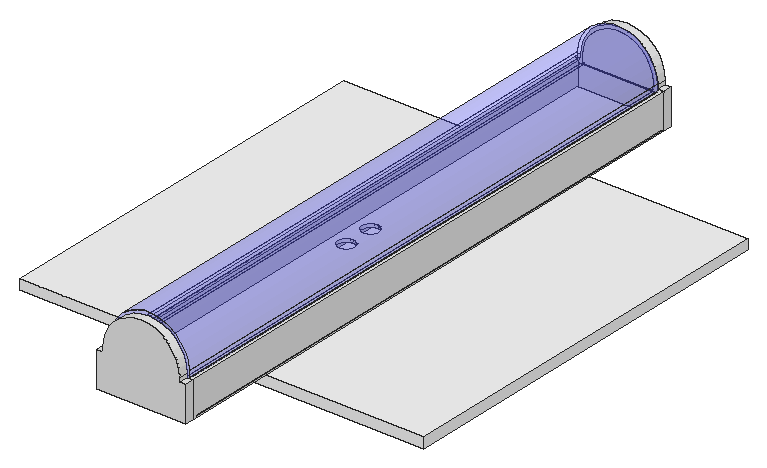
Revit family "BE_67684.3_de_DE", category Leuchten, Revit 2015
Parameters (values of type "BEGA_67684.3_K4")
  built-in parameter 1150104 = 13.35 (stored number, unit not read)
  Wattage = 15.8 W
  Default Elevation = 0 mm
  built-in parameter 1150113 = 1 (stored number, unit not read)
  built-in parameter 1114218 = 1 (stored number, unit not read)
  Umgebungstemperatur = "25 °C"
  URL = "http://www.bega.de/produkt/67684.3"
  Typenkommentare = "© 2017 BEGA. Wir behalten uns das Recht vor, technische Änderungen ohne vorherige Ankündigung vorzunehmen."  # constant formula
  built-in parameter 1150134 = 12
  built-in parameter 1150109 = 1 (stored number, unit not read)
  Strom = ""
  built-in parameter 1150110 = 1 (stored number, unit not read)
  Spannung = 239.996 V
  Sonderanfertigung = no
  Seriennummer [instance] = "Hier können Sie die eindeutige Seriennummer für das Facility Management eintragen."
  Schutzklasse = "I"
  Schutzart = "IP 44"
  Scheinlast = 0 VA
  Produktdatenblatt = "http://www.bega.de/download/Xrfa/db/67684.3.db.de.pdf"
  Oberflächentemperatur = ""
  Neigungswinkel = 0.00°
  Modell = "67684.3K4"
  Material_23 = BEGA_Oberfläche_Chrom_poliert
  Material_17 = BEGA_Reflektor
  Material_15 = BEGA_Leuchtmedium_matt
  Material_11 = BEGA_Glas_opal
  Material_09 = BEGA_Glas_klar
  Material_06 = BEGA_Oberfläche_Edelstahl_gebürstet
  Material_05 = BEGA_Oberfläche_Aluminium Guss
  Material_03 = BEGA_Oberfläche_Weiss_matt
  Material_02 = BEGA_Oberfläche_Silber_matt
  Material_01 [instance] = BEGA_Oberfläche_Grafit_matt
  M_W = no
  M_G = no
  M_A = no
  Logo = 0
  built-in parameter 1114217 = 1 (stored number, unit not read)
  built-in parameter 1150139 = (empty or 0)
  built-in parameter 1150105 = 180.68 (stored number, unit not read)
  built-in parameter 1150114 = 1 (stored number, unit not read)
  Lumens = 2270.46 lm
  built-in parameter 1150115 = 1 (stored number, unit not read)
  Leuchtenlichtstrom = "1465 lm"
  Leuchtenanzahl = ""
  Lebensdauerkriterien = "L70B50 @ 25 °C = 100000 h"
  Lastklassifizierung = Beleuchtung
  built-in parameter 1150112 = 1 (stored number, unit not read)
  Lampenlichtstrom = "2270 lm"
  Lampe = "LED 15.8 W"
  LED_Modulbezeichnung = "2x LED-0546/840  2x LED-0551/840"
  Hersteller = "BEGA"  # constant formula
  Halbstreuwinkel = ""
  Gewicht = "2.8 kg"
  Gebrauchslageneinschränkung [instance] = ""
  Frequenz = "0/50-60 Hz"
  Farbwiedergabeindex = "Ra > 80"
  Farbtemperaturverschiebung bei Dämpfen der Lampe = <Keine Auswahl>
  Farbtemperatur = "4000 K"
  Color Filter = 16777215
  built-in parameter 1150133 = 10 (stored number, unit not read)
  Energieeffizienzklasse = "LED A++ - A"
  built-in parameter 1150137 = (empty or 0)
  built-in parameter 1150132 = (empty or 0)
  ENEC = ""
  Dimmbar [instance] = "1-10 V SELV"
  Datei für fotometrisches Netz = "BE_67684K4.IES"
  CE_Konformität = "ja"
  Bestellnummer = "67684.3K4"
  Beschreibung_Sonderanfertigung = "Hier können Sie Informationen zur Sonderanfertigung eintragen."
  Beschreibung = "Wandleuchte"
  built-in parameter 1150106 = 1.8068 (stored number, unit not read)
  Befestigungsbohrung = "Ø 5,5 mm"
  Befestigungsabstand = "540 x 56 mm"
  Ballwurfsicher = ""
  BEGA_Intern_aus = yes
  BEGA_Intern_an = yes
  BEGA_Intern_Konstruktion = yes
  BEGA_Intern = yes
  BEGA_IES = yes
  BEGA_Dummy = no
  Anschlussleitung = ""
  Anschlussleistung [instance] = "20.3 W"
  Anschlusskasten = ""
  built-in parameter 1150107 = 4000 (stored number, unit not read)
  built-in parameter 1150102 = (empty or 0)
  built-in parameter 1150138 = (empty or 0)
  Aktualisierung = "2017-09-29T04:10:01"
  Abstand_zur_angestrahlten_Fläche [instance] = ""
  AC/DC = "AC/DC"
Types (2, lengths in mm): name | built-in parameter 1150104 | built-in parameter 1150134 | Modell | built-in parameter 1150105 | Lumens | Leuchtenlichtstrom | Lampenlichtstrom | LED_Modulbezeichnung | Farbtemperatur | Datei für fotometrisches Netz | Bestellnummer | built-in parameter 1150106 | built-in parameter 1150107
  BEGA_67684.3_K4 | 13.35 (stored number, unit not read) | 12 | "67684.3K4" | 180.68 (stored number, unit not read) | 2270.46 lm | "1465 lm" | "2270 lm" | "2x LED-0546/840  2x LED-0551/840" | "4000 K" | "BE_67684K4.IES" | "67684.3K4" | 1.8068 (stored number, unit not read) | 4000 (stored number, unit not read)
  BEGA_67684.3_K3 | 12.523 (stored number, unit not read) | (empty or 0) | "67684.3" | 169.49 (stored number, unit not read) | 2129.84 lm | "1375 lm" | "2130 lm" | "2x LED-0546/830  2x LED-0551/830" | "3000 K" | "BE_67684.IES" | "67684.3" | 1.6949 (stored number, unit not read) | 3000 (stored number, unit not read)
Reference planes
  plane 1 "Mitte (Vorne/Hinten)": y = 0
  plane 2: z = 0
  plane 3 "Mitte (Links/Rechts)": x = 0
  plane 4 "Links": x = -44
  plane 5 "Rechts": x = 44
  plane 6 "Unten": y = -300.1
  plane 7 "Oben": y = 300.1
  plane 8 "Vorne": z = 79.5
  plane 9 "Hinten": z = 0
Forms (mm)
  Extrusion 1, solid, material "BEGA_Platte_Weiss"
    sketch origin (0, -1119.2, 0) x (1, 0, 0) y (0, 1, 0)
      loop
        line (-200, 1319.2) -> (-200, 919.2) -> (200, 919.2) -> (200, 1319.2) -> (-200, 1319.2)
    from 0 to -10
  Extrusion 2, solid, material "BEGA_Dummy_matt", visible <- "BEGA_Dummy"
    sketch origin (80.095, -76.023, 0) x (1, 0, 0) y (0, 1, 0)
      loop
        line (-124.095, 376.123) -> (-124.095, -215.077) -> (-36.095, -215.077) -> (-36.095, 376.123) -> (-124.095, 376.123)
    from 0 to 79.5
Dimensions and locks
  plane 1 "Mitte (Vorne/Hinten)" to Extrusion 1 = 200 mm
  aligned and locked: plane 2 to Extrusion 1
  aligned and locked: level to Extrusion 1
Nested families
  nested 1: "BE_67684.3" at (0, 0, 0) x (0, 1, 0) z (0, 0, 1), type "BE_67684.3"
Connectors
  electrical at (0, 0, 0), driven by "Lastklassifizierung", driven by "Spannung", driven by "Scheinlast"
    settings: index 1, voltage 239.996 V, apparent load 0 VA, apparent load phase1 0 VA, apparent load phase2 0 VA, apparent load phase3 0 VA, power factor 1, load classification "Beleuchtung", number of poles 1, system type 31, power factor state 1, is connector primary yes, connector utility no, sub classification motor no, connector description ""
Definition of nested family "BE_67684.3"
  Parameters (values of type "BE_67684.3")
    Default Elevation = 1 mm
    URL = "http://www.bega.de/de/produkt"
    Type Comments = "© 2015 BEGA. Wir behalten uns das Recht vor, technische Änderungen ohne vorherige Ankündigung vorzunehmen. "  # constant formula
    Type Image = (empty or 0)
    Neigungswinkel_um_Z2 = 0.00°
    Neigungswinkel_um_Z1 = 0.00°
    Neigungswinkel_um_Y2 = 0.00°
    Neigungswinkel_um_Y1 = 0.00°
    Neigungswinkel_um_X2 = 0.00°
    Neigungswinkel_um_X1 = 0.00°
    Material_23 = none
    Material_17 = none
    Material_15 = none
    Material_11 = none
    Material_09 = none
    Material_06 = none
    Material_05 = none
    Material_03 = none
    Material_02 = none
    Material_01 = none
    M_W = yes
    M_G = yes
    M_A = yes
    Länge_Platte = 800 mm  # constant formula
    Höhe_Platte = -10 mm  # constant formula
    Manufacturer = "BEGA"  # constant formula
    Drehwinkel_um_Z2 = 0.00°
    Drehwinkel_um_Z1 = 0.00°
    Breite_Platte = 200 mm  # constant formula
  Reference planes
    plane 1 "Mitte (Oben/Unten)": y = 0
    plane 2: z = 0
    plane 3 "Mitte (Links/Rechts)": x = 0
    plane 4: z = 79.5
    plane 5: y = 44
    plane 6: y = -44
    plane 7: x = -300.1
    plane 8: x = 300.1
  Forms (mm)
    Extrusion 1, solid, detail levels medium
      sketch origin (0, 0, 0) x (1, 0, 0) y (0, 1, 0)
        loop
          line (-400, 100) -> (-400, -100) -> (400, -100) -> (400, 100) -> (-400, 100)
      from 0 to -10 <- "Höhe_Platte"
    Extrusion 2, solid, material <- "Material_23", detail levels medium+fine
      sketch origin (0, 0, 0) x (0, 1, 0) y (0, 0, 1)
        loop
          line (44, 36) -> (40.5, 36) -> (40.5, 33.852) -> (41.2, 33.5) -> (41.2, 10.8) -> (-21, 10.8) -> (-21, 4.883) -> (-21.995, 3.8) -> (-41.2, 3.8) -> (-41.2, 33.5) -> (-40.5, 33.852) -> (-40.5, 36) -> (-44, 36) -> (-44, 0.988)
          arc (-44, 0.988) -> (-42.633, 0.79) -> (-41.5, 0) r 3
          line (-41.5, 0) -> (-38.5, 0) -> (-38.5, 1) -> (-20.84, 1) -> (-18.559, 3.282) -> (-18.559, 8) -> (41.2, 8) -> (41.2, 3.8) -> (38.5, 3.8) -> (38.5, 0) -> (41.5, 0)
          arc (41.5, 0) -> (42.633, 0.79) -> (44, 0.988) r 3
          line (44, 0.988) -> (44, 36)
      from -291.1 to 291.1
    Extrusion 3, void
      sketch origin (0, 0, 0) x (1, 0, 0) y (0, 1, 0)
        loop
          circle (-15, 25) r 8.5
        loop
          circle (15, 25) r 8.5
        loop
          circle (-270, 28) r 2.75
        loop
          circle (270, -28) r 2.75
      from 0 to 13
    Extrusion 4, solid, material <- "Material_23", detail levels medium+fine
      sketch origin (0, 0, 0) x (0, 1, 0) y (0, 0, 1)
        loop
          line (-38, 39.479) -> (-38.075, 36) -> (-44, 36) -> (-44, 0.988) -> (44, 0.988) -> (44, 36) -> (38.075, 36) -> (38, 39.479)
          arc (38, 39.479) -> (0, 77.5) -> (-38, 39.479) r 38
      from -300.1 to -291.1
    Extrusion 5, solid, material <- "Material_23", detail levels medium+fine
      sketch origin (0, 0, 0) x (0, 1, 0) y (0, 0, -1)
        loop
          arc (-38, -39.479) -> (0, -77.5) -> (38, -39.479) r 38
          line (38, -39.479) -> (38.075, -36) -> (44, -36) -> (44, -0.988) -> (-44, -0.988) -> (-44, -36) -> (-38.075, -36) -> (-38, -39.479)
      from -300.1 to -291.1
    Extrusion 6, solid, material <- "Material_11", detail levels medium+fine
      sketch origin (0, 0, 0) x (0, 1, 0) y (0, 0, 1)
        loop
          line (40.078, 35.902) -> (39.917, 42.08)
          arc (39.917, 42.08) -> (0, 79.5) -> (-39.917, 42.08) r 40
          line (-39.917, 42.08) -> (-40.078, 35.902)
          arc (-40.078, 35.902) -> (-39.303, 33.81) -> (-37.297, 32.831) r 3
          line (-37.297, 32.831) -> (-34.021, 32.602) -> (34.021, 32.602) -> (37.297, 32.831)
          arc (37.297, 32.831) -> (39.303, 33.81) -> (40.078, 35.902) r 3
      from -289.75 to 289.7
    Extrusion 7, solid, material <- "Material_11", detail levels medium+fine
      sketch origin (0, 0, 0) x (0, 1, 0) y (0, 0, 1)
        loop
          arc (34.489, 33.543) -> (0, 74.5) -> (-34.489, 33.543) r 35
          line (-34.489, 33.543) -> (34.489, 33.543)
      from 288.75 to 294.1
    Extrusion 8, solid, material <- "Material_11", detail levels medium+fine
      sketch origin (0, 0, 0) x (0, 1, 0) y (0, 0, -1)
        loop
          line (34.489, -33.543) -> (-34.489, -33.543)
          arc (-34.489, -33.543) -> (0, -74.5) -> (34.489, -33.543) r 35
      from 288.75 to 293.969
    Revolve 9, void
      sketch origin (0, 0, 0) x (1, 0, 0) y (0, 0, 1)
        loop
          line (300.321, 23.58) -> (296.61, 19.869) -> (296.61, 18) -> (300.321, 18) -> (300.321, 23.58)
        axis (296.61, 18) -> (300.321, 18)
      angle from 0 to 360
    Revolve 10, solid, material <- "Material_06", detail levels fine
      sketch origin (0, 0, 0) x (1, 0, 0) y (0, 0, 1)
        loop
          arc (300.777, 18) -> (300.479, 20.423) -> (299.602, 22.702) r 10
          line (299.602, 22.702) -> (297.5, 20.6) -> (297.5, 18) -> (300.777, 18)
        axis (297.5, 18) -> (300.777, 18)
      angle from 0 to 360
  Cuts and joins
    Extrusion 3 cuts Extrusion 2
    joined: Extrusion 6, Extrusion 7, Extrusion 8
    Revolve 9 cuts Extrusion 4
    Revolve 9 cuts Extrusion 5
    joined: Extrusion 4, Extrusion 5
  Dimensions and locks
    equal spacing: Extrusion 1 sketch curve, plane 3 "Mitte (Links/Rechts)", Extrusion 1 sketch curve
    equal spacing: Extrusion 1 sketch curve, plane 1 "Mitte (Oben/Unten)", Extrusion 1 sketch curve
    "Länge_Platte": Extrusion 1 sketch curve to Extrusion 1 sketch curve
    "Breite_Platte": Extrusion 1 sketch curve to Extrusion 1 sketch curve
    aligned and locked: Extrusion 1 to plane 2
    aligned and locked: level to Extrusion 1
  Automatic sketch dimensions
    Extrusion 2 sketch curve to level = 0 mm  (x2)
    plane 1 "Mitte (Oben/Unten)" to Extrusion 2 sketch curve = 44 mm
    Extrusion 2 sketch curve to Extrusion 2 sketch curve = 0.264 mm
    Extrusion 2 sketch curve to Extrusion 2 sketch curve = 2.5 mm  (x3)
    Extrusion 2 sketch curve to Extrusion 2 sketch curve = 0.3 mm
    Extrusion 2 sketch curve to Extrusion 2 sketch curve = 0.7 mm
    level to Extrusion 2 sketch curve = 1 mm
    Extrusion 2 sketch curve to Extrusion 2 sketch curve = 3 mm  (x2)
    level to Extrusion 2 sketch curve = 3.8 mm  (x2)
    Extrusion 2 sketch curve to Extrusion 2 sketch curve = 16.505 mm
    Extrusion 2 sketch curve to Extrusion 2 sketch curve = 0.995 mm
    Extrusion 2 sketch curve to Extrusion 2 sketch curve = 1.155 mm
    Extrusion 2 sketch curve to Extrusion 2 sketch curve = 2.441 mm
    Extrusion 2 sketch curve to plane 1 "Mitte (Oben/Unten)" = 38.5 mm
    Extrusion 2 sketch curve to Extrusion 2 sketch curve = 2 mm
    Extrusion 2 sketch curve to Extrusion 2 sketch curve = 2.7 mm  (x2)
    Extrusion 2 sketch curve to Extrusion 2 sketch curve = 2.236 mm
    Extrusion 2 sketch curve to level = 2 mm  (x2)
    Extrusion 2 sketch curve to Extrusion 2 sketch curve = 2.282 mm
    Extrusion 2 sketch curve to Extrusion 2 sketch curve = 1.083 mm
    Extrusion 2 sketch curve to Extrusion 2 sketch curve = 4.2 mm
    Extrusion 2 sketch curve to Extrusion 2 sketch curve = 2.8 mm
    Extrusion 2 sketch curve to Extrusion 2 sketch curve = 29.7 mm
    Extrusion 2 sketch curve to Extrusion 2 sketch curve = 22.7 mm
    Extrusion 2 sketch curve to Extrusion 2 sketch curve = 0.352 mm  (x2)
    Extrusion 2 sketch curve to Extrusion 2 sketch curve = 2.148 mm
    Extrusion 3 sketch curve to plane 3 "Mitte (Links/Rechts)" = 15 mm
    plane 3 "Mitte (Links/Rechts)" to Extrusion 3 sketch curve = 15 mm
    plane 1 "Mitte (Oben/Unten)" to Extrusion 3 sketch curve = 28 mm
    Extrusion 3 sketch curve to plane 1 "Mitte (Oben/Unten)" = 25 mm  (x2)
    Extrusion 3 sketch curve to plane 1 "Mitte (Oben/Unten)" = 28 mm
    Extrusion 4 sketch curve to plane 1 "Mitte (Oben/Unten)" = 0 mm
    plane 1 "Mitte (Oben/Unten)" to Extrusion 4 sketch curve = 38 mm
    Extrusion 4 sketch curve to Extrusion 4 sketch curve = 0.075 mm  (x2)
    level to Extrusion 4 sketch curve = 0.988 mm
    Extrusion 4 sketch curve to Extrusion 4 sketch curve = 5.925 mm  (x2)
    Extrusion 4 sketch curve to plane 1 "Mitte (Oben/Unten)" = 38 mm
    Extrusion 4 sketch curve to Extrusion 4 sketch curve = 35.012 mm  (x2)
    Extrusion 4 sketch curve to Extrusion 4 sketch curve = 3.479 mm
    Extrusion 4 sketch curve to Extrusion 4 sketch curve = 0.021 mm
    Extrusion 5 sketch curve to plane 1 "Mitte (Oben/Unten)" = 0 mm
    plane 1 "Mitte (Oben/Unten)" to Extrusion 5 sketch curve = 38 mm
    Extrusion 5 sketch curve to Extrusion 5 sketch curve = 0.075 mm  (x2)
    level to Extrusion 5 sketch curve = 0.988 mm
    Extrusion 5 sketch curve to Extrusion 5 sketch curve = 5.925 mm  (x2)
    Extrusion 5 sketch curve to plane 1 "Mitte (Oben/Unten)" = 38 mm
    Extrusion 5 sketch curve to Extrusion 5 sketch curve = 35.012 mm  (x2)
    Extrusion 5 sketch curve to Extrusion 5 sketch curve = 3.479 mm
    Extrusion 5 sketch curve to Extrusion 5 sketch curve = 0.021 mm
    Extrusion 6 sketch curve to plane 1 "Mitte (Oben/Unten)" = 0 mm
    plane 1 "Mitte (Oben/Unten)" to Extrusion 6 sketch curve = 34.021 mm
    Extrusion 6 sketch curve to Extrusion 6 sketch curve = 3.058 mm  (x2)
    Extrusion 6 sketch curve to Extrusion 6 sketch curve = 0.219 mm  (x2)
    Extrusion 6 sketch curve to Extrusion 6 sketch curve = 2.999 mm  (x2)
    Extrusion 6 sketch curve to plane 1 "Mitte (Oben/Unten)" = 34.021 mm
    Extrusion 6 sketch curve to Extrusion 6 sketch curve = 2.838 mm
    level to Extrusion 6 sketch curve = 32.602 mm
    Extrusion 6 sketch curve to Extrusion 6 sketch curve = 0.229 mm  (x2)
    Extrusion 6 sketch curve to Extrusion 6 sketch curve = 2.992 mm  (x2)
    Extrusion 6 sketch curve to Extrusion 6 sketch curve = 6.898 mm
    Extrusion 6 sketch curve to Extrusion 6 sketch curve = 6.179 mm
    Extrusion 6 sketch curve to Extrusion 6 sketch curve = 0.161 mm
    Extrusion 6 sketch curve to Extrusion 6 sketch curve = 0 mm
    Extrusion 7 sketch curve to plane 1 "Mitte (Oben/Unten)" = 0 mm
    plane 1 "Mitte (Oben/Unten)" to Extrusion 7 sketch curve = 34.489 mm
    level to Extrusion 7 sketch curve = 33.543 mm
    Extrusion 7 sketch curve to Extrusion 7 sketch curve = 5.957 mm
    Extrusion 8 sketch curve to plane 1 "Mitte (Oben/Unten)" = 0 mm
    plane 1 "Mitte (Oben/Unten)" to Extrusion 8 sketch curve = 34.489 mm
    level to Extrusion 8 sketch curve = 39.5 mm
    level to Extrusion 8 sketch curve = 33.543 mm
    level to Revolve 10 sketch curve = 18 mm
    Revolve 10 sketch curve to Revolve 10 sketch curve = 6.723 mm
    level to Revolve 10 sketch curve = 22.702 mm
    Revolve 10 sketch curve to Revolve 10 sketch curve = 2.102 mm
    Revolve 10 sketch curve to Revolve 10 sketch curve = 2.6 mm
    Revolve 10 sketch curve to Revolve 10 sketch curve = 0 mm  (x3)
    Extrusion 3 sketch curve to Extrusion 3 sketch curve = 255 mm  (x2)
    plane 3 "Mitte (Links/Rechts)" to Revolve 10 sketch curve = 290.777 mm
    level to Revolve 9 sketch curve = 19.869 mm
    Revolve 9 sketch curve to Revolve 9 sketch curve = 3.711 mm  (x2)
    Revolve 9 sketch curve to Revolve 9 sketch curve = 1.869 mm
    Revolve 9 sketch curve to Revolve 9 sketch curve = 0 mm  (x2)
    Revolve 9 sketch curve to Revolve 9 sketch curve = 0.281 mm
    plane 3 "Mitte (Links/Rechts)" to Revolve 9 sketch curve = 296.61 mm
    radius of Extrusion 3 sketch curve = 8.5 mm  (x2)
    radius of Extrusion 3 sketch curve = 2.75 mm  (x2)
